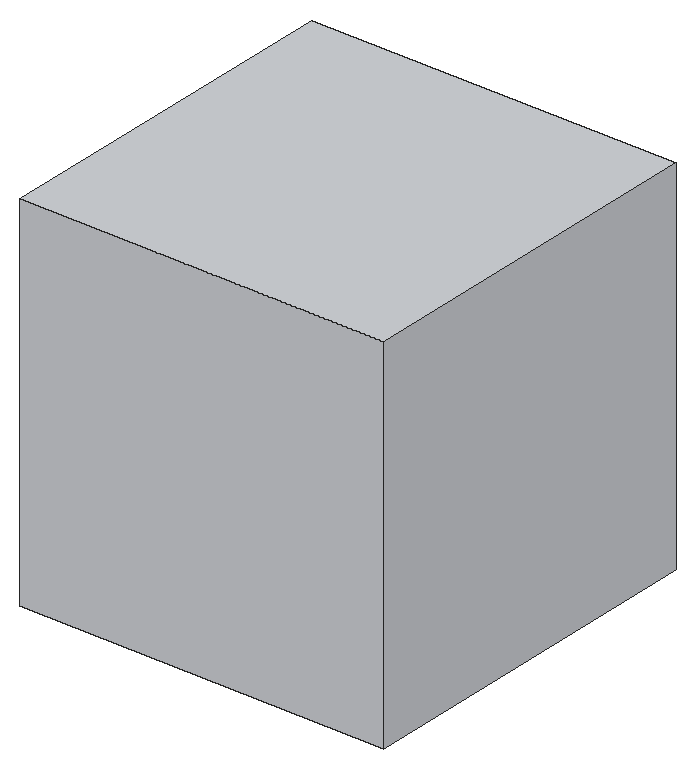
Revit family "GTP", category Generic Models, Revit 2013
Parameters (values of type "Wall Pt")
  URL = ""
  PointRole [instance] = "Stake Out"
  PointNumber [instance] = ""
  PointElement [instance] = ""
  PointDescription [instance] = "Wall Pt"
  Manufacturer = "Autodesk Inc."
  LinkedParam [instance] = ""
Types (9): name | PointRole | PointDescription
  (no name) | "Stake Out" | "Wall Pt"
  Generic Pt | "Stake Out" | "Generic Pt"
  Wall Pt | "Stake Out" | "Wall Pt"
  Duct Pt | "Stake Out" | "Duct Pt"
  Sleeve Pt | "Stake Out" | "Sleeve Pt"
  Pipe Pt | "Stake Out" | "Pipe Pt"
  Electrical Pt | "Stake Out" | "Electrical Pt"
  Control Pt | "Control Point" | "Control Pt"
  Door Pt | "Stake Out" | "Door Pt"
Reference planes (in)
  plane 1 "Center (Front/Back)": y = 0
  plane 2: z = 0
  plane 3 "Center (Left/Right)": x = 0
Forms (in)
  Extrusion 1, solid, detail levels medium+fine
    sketch origin (0, 0, 0) x (1, 0, 0) y (0, 1, 0)
      loop
        line (0.5, -0.5) -> (0.5, 0.5) -> (-0.5, 0.5) -> (-0.5, -0.5) -> (0.5, -0.5)
    from -0.5 to 0.5
Lines and regions (in)
  model lines, style "GTP Default", detail levels coarse+medium
    curve 1: line (0, 0.5, 0) -> (0, 0, 0)
    curve 2: line (-0.5, 0, 0) -> (0, 0, 0)
    curve 3: line (0, 0, -0.5) -> (0, 0, 0)
    curve 4: line (0, 0, 0) -> (0.5, 0, 0)
    curve 5: line (0, 0, 0) -> (0, -0.5, 0)
    curve 6: line (0, 0, 0) -> (0, 0, 0.5)
